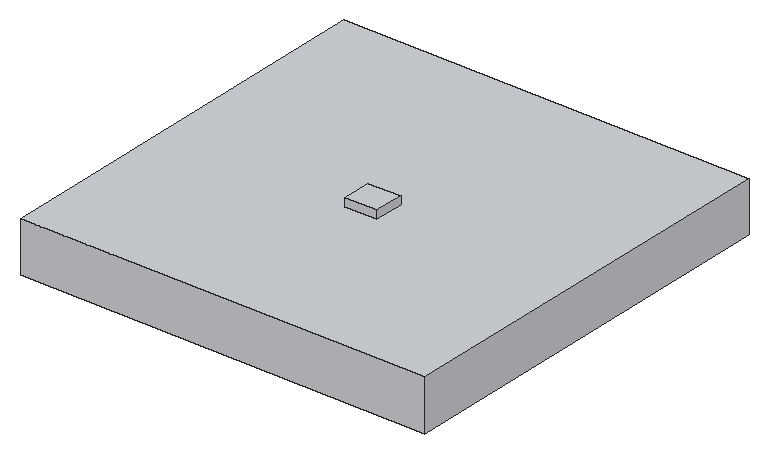
Revit family "M_Interfone", category Dispositivos de comunicação, Revit 2019
Family settings
  Hospedeiro = Face
  Manter orientação da anotação = Sim
  Cota do conector redondo = Utilizar diâmetro
  Tipo de parte = Normal
  Número OmniClass = 23.85.50.31
  Título OmniClass = Intercom Systems
  ID de item do Seek = Intercom-0000-CAN-ENU
  Corte com vazios quando carregada = Não
  Compartilhado = Não
  Ponto de cálculo do ambiente = Não
Parameters (values of type "Padrão")
  Largura = 194 mm
  Material do alto-falante = none
  Legenda = "I"
  Altura = 175 mm
  Comprimento = 48 mm
  Elevação-padrão = 1200 mm
Reference planes
  plane 1 "Centro (Frente/Trás)": y = 0
  plane 2: z = 0
  plane 3 "Centro (Esquerda/Direita)": x = 0
  plane 4: z = 48
  plane 5: x = -97
  plane 6: x = 97
  plane 7: y = -175
Forms (mm)
  Extrusion 1, solid
    sketch origin (0, 0, 0) x (1, 0, 0) y (0, 1, 0)
      loop
        line (-1219.2, 1219.2) -> (-1219.2, -1219.2) -> (1219.2, -1219.2) -> (1219.2, 1219.2) -> (-1219.2, 1219.2)
    from 0 to -304.8
  Extrusion 2, solid, material <- "Material do alto-falante"
    sketch origin (4.851, 0, 0) x (1, 0, 0) y (0, 1, 0)
      loop
        line (-101.851, 0) -> (-101.851, -175) -> (92.149, -175) -> (92.149, 0) -> (-101.851, 0)
    from 0 to 48
Lines and regions (mm)
  symbolic lines, detail levels fine
    curve 1: line (-97, 0, 48) -> (-97, 0, 0)
    curve 2: line (97, 0, 48) -> (-97, 0, 48)
    curve 3: line (97, 0, 0) -> (97, 0, 48)
    curve 4: line (-97, 0, 0) -> (97, 0, 0)
Dimensions and locks
  "Comprimento": plane 4 to plane 2
  equal spacing: plane 5, plane 3 "Centro (Esquerda/Direita)", plane 6
  "Largura": plane 5 to plane 6
  "Altura": plane 7 to plane 1 "Centro (Frente/Trás)"
  aligned and locked: plane 2 to Extrusion 1
  aligned and locked: level to Extrusion 1
  aligned and locked: plane 1 "Centro (Frente/Trás)" to Extrusion 2 sketch curve
  aligned and locked: plane 4 to Extrusion 2
  aligned and locked: Extrusion 2 to plane 5
  aligned and locked: plane 6 to Extrusion 2
  aligned and locked: Extrusion 2 to plane 7
  aligned and locked: curve 1 to Extrusion 2
  aligned and locked: curve 2 to Extrusion 2
  aligned and locked: curve 3 to Extrusion 2
  aligned and locked: curve 4 to Extrusion 2
  aligned and locked: plane 3 "Centro (Esquerda/Direita)" to nested 1
  aligned and locked: plane 1 "Centro (Frente/Trás)" to nested 1
Automatic sketch dimensions
  Extrusion 1 sketch curve to Extrusion 1 sketch curve = 2438.4 mm  (x2)
  Extrusion 2 sketch curve to plane 3 "Centro (Esquerda/Direita)" = 97 mm
  plane 3 "Centro (Esquerda/Direita)" to Extrusion 2 sketch curve = 97 mm
  plane 1 "Centro (Frente/Trás)" to Extrusion 2 sketch curve = 175 mm
Nested families
  nested 1: "M_Anotação do interfone" at (0, 0, 0), type "Anotação do interfone", detail levels coarse+medium
Connectors
  electrical at (0, 0, 24)
    settings: on Extrusion 2, index 1, voltage 0 V, apparent load 0 VA, apparent load phase1 0 VA, apparent load phase2 0 VA, apparent load phase3 0 VA, power factor 1, load classification "Outros", number of poles 1, system type 14, power factor state 1, is connector primary yes, connector utility no, sub classification motor no, connector description ""
Definition of nested family "M_Anotação do interfone"
  Parameters
    Anotação de legenda = "I"
  Reference planes
    plane 1: y = 0
    plane 2: x = 0
  Lines and regions (mm)
    reference lines
      curve 1: line (-1.786, 5.783, 0) -> (-1.786, -7.274, 0)
      curve 2: line (1.786, 7.519, 0) -> (1.786, -7.274, 0)
      curve 3: line (-6.856, 3.969, 0) -> (8.926, 3.969, 0)
      curve 4: line (-9.435, 0, 0) -> (9.615, 0, 0)
    detail lines
      curve 5: line (-1.786, 3.969, 0) -> (1.786, 3.969, 0)
      curve 6: line (-1.786, 0, 0) -> (-1.786, 3.969, 0)
      curve 7: line (1.786, 0, 0) -> (-1.786, 0, 0)
      curve 8: line (1.786, 3.969, 0) -> (1.786, 0, 0)
  Text (mm)
    label "I" at (-0.41, 1.714, 0), shows "Anotação de legenda"
  Dimensions and locks
    locked: curve 1 to plane 2 at 1.786
    locked: plane 2 to curve 2 at 1.786
    locked: curve 4 to curve 3 at 3.969
    locked: curve 4 to plane 1 at 0
    aligned and locked: curve 3 to curve 5
    aligned and locked: curve 6 to curve 1
    aligned and locked: curve 7 to curve 4
    aligned and locked: curve 2 to curve 8
